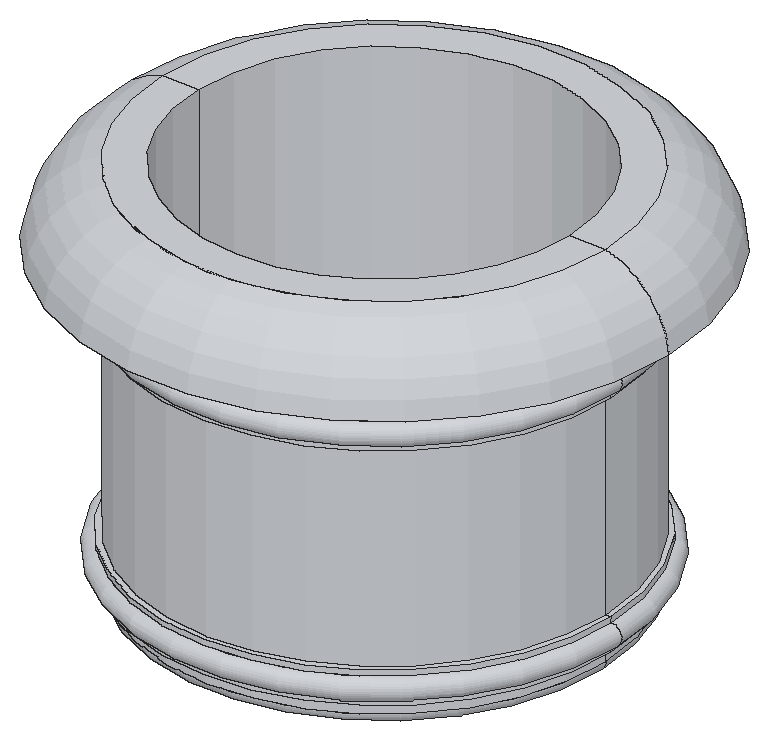
Revit family
Parameters (values of type "SBSP-139.5")
  Width = 6' - 0"
  URL = "www.strombergarchitectural.com"
  Top Material = GFRC
  Submittal Sheet = "www.strombergarchitectural.com/images/materials/gfrc/submittal/gfrc-submittal-sheet.pdf"
  Specifications = "www.strombergarchitectural.com/gfrcspecifications"
  Model Cut-sheet = "www.strombergarchitectural.com/products/bollards/design/sbsp-139"
  Model = "SBSP-139"
  Manufacturer = "Stromberg Architectural Products"
  Guidebook = "www.strombergarchitectural.com/images/materials/gfrc/handbooks/gfrc_guidebook.pdf"
  Frame Material = none
  Description = ""
  Assembly Code = ""
  Height = 4' - 0"
  139.5 = yes
  139.4 = no
  139.3 = no
  139.2 = no
  139.1 = no
Types (6): name | Width | Guidebook | Description | Height | 139.5 | 139.4 | 139.3 | 139.2 | 139.1
  (no name) | 6' - 0" | "www.strombergarchitectural.com/images/materials/gfrc/handbooks/gfrc_guidebook.pdf" | "" | 4' - 0" | yes | no | no | no | no
  SBSP-139.3 | 4' - 6" | "www.strombergarchitectural.com/images/materials/gfrc/handbooks/gfrc_guidebook.pdf" | "GFRC Bollard" | 3' - 0" | no | no | yes | no | no
  SBSP-139.1 | 3' - 0" | "www.strombergarchitectural.com/images/materials/gfrc/handbooks/gfrc_guidebook.pdf   \r\n(http://www.strombergarchitectural.com/images/materials/gfrc/handbooks/gfrc_guidebook.pdf" | "GFRC Bollard" | 2' - 0" | no | no | no | no | yes
  SBSP-139.2 | 3' - 9" | "www.strombergarchitectural.com/images/materials/gfrc/handbooks/gfrc_guidebook.pdf" | "GFRC Bollard" | 2' - 6" | no | no | no | yes | no
  SBSP-139.4 | 5' - 3" | "www.strombergarchitectural.com/images/materials/gfrc/handbooks/gfrc_guidebook.pdf" | "GFRC Bollard" | 3' - 6" | no | yes | no | no | no
  SBSP-139.5 | 6' - 0" | "www.strombergarchitectural.com/images/materials/gfrc/handbooks/gfrc_guidebook.pdf" | "" | 4' - 0" | yes | no | no | no | no
Reference planes (in)
  plane 1 "Center (Front/Back)": y = 3.74847
  plane 2: z = 0
  plane 3 "Center (Left/Right)": x = 0.7278
  plane 4 "Front": y = -3.25153
  plane 5 "Back": y = 10.74847
  plane 6 "Left": x = -17.2722
  plane 7 "Right": x = 17.7278
  plane 8: x = 113.83543
Forms (in)
  Revolve 1, solid, visible <- "139.1"
    sketch origin (0, 3.74847, 0) x (1, 0, 0) y (0, 0, 1)
      loop
        arc (-13.2722, 24) -> (-16.00929, 22.35161) -> (-17.2722, 19.41667) r 5.21755
        line (-17.2722, 19.41667) -> (-13.2722, 19.41667) -> (-13.2722, 17.73965) -> (-13.60553, 17.73965) -> (-13.60553, 17.40631)
        arc (-13.60553, 17.40631) -> (-14.2722, 16.73965) -> (-13.60553, 16.07298) r 0.66667
        line (-13.60553, 16.07298) -> (-13.60553, 15.73965) -> (-13.2722, 15.73965) -> (-13.2722, 3.33333) -> (-13.60553, 3.33333) -> (-13.60553, 3)
        arc (-13.60553, 3) -> (-14.2722, 2.33333) -> (-13.60553, 1.66667) r 0.66667
        line (-13.60553, 1.66667) -> (-13.60553, 1.33333) -> (-13.2722, 1.33333) -> (-13.2722, 0.66667)
        arc (-13.2722, 0.66667) -> (-13.07694, 0.19526) -> (-12.60553, 0) r 0.66667
        line (-12.60553, 0) -> (0.7278, 0) -> (0.7278, 3.33333) -> (-10.7722, 3.33333) -> (-10.7722, 24) -> (-13.2722, 24)
      axis (0.7278, 24) -> (0.7278, 0)
    angle from 0 to 360
  Revolve 2, solid, visible <- "139.2"
    sketch origin (0, 3.74847, 0) x (1, 0, 0) y (0, 0, 1)
      loop
        arc (-16.7722, 30) -> (-20.19089, 27.94259) -> (-21.75249, 24.27083) r 6.46994
        line (-21.75249, 24.27083) -> (-16.7722, 24.27083) -> (-16.7722, 22.17456) -> (-17.18887, 22.17456) -> (-17.18887, 21.75789)
        arc (-17.18887, 21.75789) -> (-18.0222, 20.92456) -> (-17.18887, 20.09122) r 0.83333
        line (-17.18887, 20.09122) -> (-17.18887, 19.67456) -> (-16.7722, 19.67456) -> (-16.7722, 4.16667) -> (-17.18887, 4.16667) -> (-17.18887, 3.75)
        arc (-17.18887, 3.75) -> (-18.0222, 2.91667) -> (-17.18887, 2.08333) r 0.83333
        line (-17.18887, 2.08333) -> (-17.18887, 1.66667) -> (-16.7722, 1.66667) -> (-16.7722, 0.83333)
        arc (-16.7722, 0.83333) -> (-16.55697, 0.27265) -> (-16.02186, 0) r 0.83792
        line (-16.02186, 0) -> (0.7278, 0) -> (0.7278, 4.16667) -> (-13.5222, 4.16667) -> (-13.5222, 30) -> (-16.7722, 30)
      axis (0.7278, 30) -> (0.7278, 0)
    angle from 0 to 360
  Revolve 3, solid, visible <- "139.3"
    sketch origin (0, 3.74847, 0) x (1, 0, 0) y (0, 0, 1)
      loop
        arc (-20.2722, 36) -> (-24.37379, 33.53038) -> (-26.24855, 29.125) r 7.76865
        line (-26.24855, 29.125) -> (-20.2722, 29.125) -> (-20.2722, 26.60947) -> (-20.7722, 26.60947) -> (-20.7722, 26.10947)
        arc (-20.7722, 26.10947) -> (-21.7722, 25.10947) -> (-20.7722, 24.10947) r 1
        line (-20.7722, 24.10947) -> (-20.7722, 23.60947) -> (-20.2722, 23.60947) -> (-20.2722, 5) -> (-20.7722, 5) -> (-20.7722, 4.5)
        arc (-20.7722, 4.5) -> (-21.7722, 3.5) -> (-20.7722, 2.5) r 1
        line (-20.7722, 2.5) -> (-20.7722, 2) -> (-20.2722, 2) -> (-20.2722, 1)
        arc (-20.2722, 1) -> (-19.97931, 0.29289) -> (-19.2722, 0) r 1
        line (-19.2722, 0) -> (0.7278, 0) -> (0.7278, 5) -> (-17.2722, 5) -> (-17.2722, 36) -> (-20.2722, 36)
      axis (0.7278, 36) -> (0.7278, 0)
    angle from 0 to 360
  Revolve 4, solid, visible <- "139.4"
    sketch origin (0, 3.74847, 0) x (1, 0, 0) y (0, 0, 1)
      loop
        arc (-23.7722, 42) -> (-28.55688, 39.11834) -> (-30.7446, 33.97917) r 9.06629
        line (-30.7446, 33.97917) -> (-23.7722, 33.97917) -> (-23.7722, 31.04438) -> (-24.35553, 31.04438) -> (-24.35553, 30.46105)
        arc (-24.35553, 30.46105) -> (-25.5222, 29.29438) -> (-24.35553, 28.12771) r 1.16667
        line (-24.35553, 28.12771) -> (-24.35553, 27.54438) -> (-23.7722, 27.54438) -> (-23.7722, 5.83333) -> (-24.35553, 5.83333) -> (-24.35553, 5.25)
        arc (-24.35553, 5.25) -> (-25.5222, 4.08333) -> (-24.35553, 2.91667) r 1.16667
        line (-24.35553, 2.91667) -> (-24.35553, 2.33333) -> (-23.7722, 2.33333) -> (-23.7722, 1.16667)
        arc (-23.7722, 1.16667) -> (-23.43049, 0.34171) -> (-22.60553, 0) r 1.16667
        line (-22.60553, 0) -> (0.7278, 0) -> (0.7278, 5.83333) -> (-20.2722, 5.83333) -> (-20.2722, 42) -> (-23.7722, 42)
      axis (0.7278, 42) -> (0.7278, 0)
    angle from 0 to 360
  Revolve 5, solid, visible <- "139.5"
    sketch origin (-113.10763, 3.74847, 0) x (1, 0, 0) y (0, 0, 1)
      loop
        arc (85.83543, 48) -> (80.36552, 44.70814) -> (77.86696, 38.83333) r 10.3519
        line (77.86696, 38.83333) -> (85.83543, 38.83333) -> (85.83543, 35.47929) -> (85.16876, 35.47929) -> (85.16876, 34.81262)
        arc (85.16876, 34.81262) -> (83.83543, 33.47929) -> (85.16876, 32.14596) r 1.33333
        line (85.16876, 32.14596) -> (85.16876, 31.47929) -> (85.83543, 31.47929) -> (85.83543, 6.66667) -> (85.16876, 6.66667) -> (85.16876, 6)
        arc (85.16876, 6) -> (83.83543, 4.66667) -> (85.16876, 3.33333) r 1.33333
        line (85.16876, 3.33333) -> (85.16876, 2.66667) -> (85.83543, 2.66667) -> (85.83543, 1.33333)
        arc (85.83543, 1.33333) -> (86.22595, 0.39052) -> (87.16876, 0) r 1.33333
        line (87.16876, 0) -> (113.83543, 0) -> (113.83543, 6.66667) -> (90.33543, 6.66667) -> (90.33543, 48) -> (85.83543, 48)
      axis (113.83543, 48) -> (113.83543, 0)
    angle from 0 to 360
